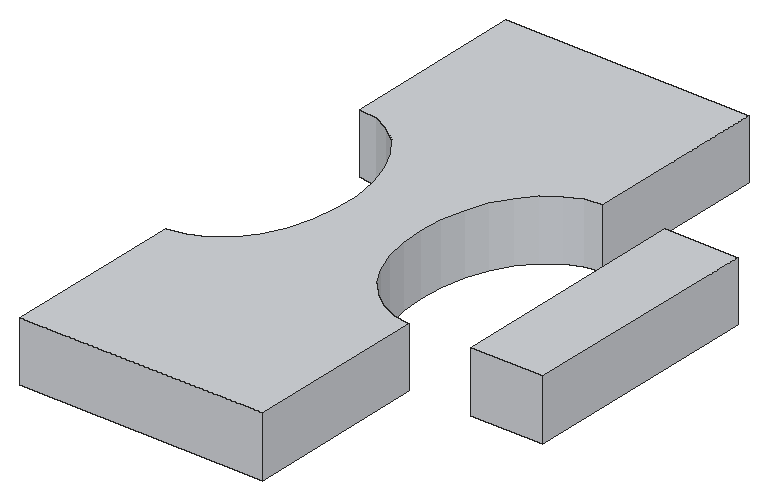
Revit family "電線管用ファミリ(片側のみ)_27", category Electrical Fixtures, Revit 2021
Family settings
  Maintain Annotation Orientation = No
  Round Connector Dimension = Use Diameter
  Part Type = Normal
  OmniClass Number = 23.80.00.00
  OmniClass Title = Electric Power and Lighting
  Work Plane-Based = No
  Always vertical = Yes
  Cut with Voids When Loaded = No
  Shared = No
  Room Calculation Point = No
Parameters
  コネクタ直径 [instance] = 16 mm
  W [instance] = 200 mm
  Default Elevation = 0 mm
  D [instance] = 500 mm
Reference planes
  plane 1 "Center (Front/Back)": y = 0
  plane 2: z = 0
  plane 3 "Center (Left/Right)": x = 0
  plane 4: x = -100
  plane 5: x = 100
  plane 6: y = 250
  plane 7: y = -250
  plane 8: z = 50
  plane 9: y = -100
  plane 10: y = 100
  plane 11: x = -50
  plane 12: x = 50
  plane 13: x = 150.956
  plane 14: x = 210.956
Forms (mm)
  Extrusion 1, solid
    sketch origin (0, 0, 0) x (1, 0, 0) y (0, 1, 0)
      loop
        line (-100, 250) -> (-100, -250) -> (100, -250) -> (100, 250) -> (-100, 250)
    from 0 to 50
  Extrusion 2, void
    sketch origin (0, 0, 0) x (1, 0, 0) y (0, 1, 0)
      loop
        line (-100, 100) -> (-100, -100)
        spline (-100, -100) -> (-81.883, -96.593) -> (-65, -86.603) -> (-50.503, -70.711) -> (-39.378, -50) -> (-32.385, -25.882) -> (-30, 0) -> (-32.385, 25.882) -> (-39.378, 50) -> (-50.503, 70.711) -> (-65, 86.603) -> (-81.883, 96.593) -> (-100, 100)
    from 0 to 50
  Extrusion 3, void
    sketch origin (0, 0, 0) x (1, 0, 0) y (0, 1, 0)
      loop
        spline (100, 100) -> (81.883, 96.593) -> (65, 86.603) -> (50.503, 70.711) -> (39.378, 50) -> (32.385, 25.882) -> (30, 0) -> (32.385, -25.882) -> (39.378, -50) -> (50.503, -70.711) -> (65, -86.603) -> (81.883, -96.593) -> (100, -100)
        line (100, -100) -> (100, 100)
    from 0 to 50
  Extrusion 4, solid
    sketch origin (0, 0, 0) x (1, 0, 0) y (0, 1, 0)
      loop
        line (150.956, 100) -> (150.956, -100) -> (210.956, -100) -> (210.956, 100) -> (150.956, 100)
    from 0 to 50
Cuts and joins
  Extrusion 2, Extrusion 3 cuts Extrusion 1
Dimensions and locks
  equal spacing: plane 4, plane 3 "Center (Left/Right)", plane 5
  "W": plane 4 to plane 5
  equal spacing: plane 6, plane 1 "Center (Front/Back)", plane 7
  "D": plane 6 to plane 7
  aligned and locked: level to plane 2
  aligned and locked: plane 8 to Extrusion 1
  aligned and locked: plane 8 to Extrusion 3
Automatic sketch dimensions
  Extrusion 1 sketch curve to plane 4 = 0 mm
  Extrusion 1 sketch curve to plane 5 = 0 mm
  Extrusion 1 sketch curve to plane 7 = 0 mm
  Extrusion 1 sketch curve to plane 6 = 0 mm
  Extrusion 2 sketch curve to plane 4 = 0 mm
  Extrusion 2 sketch curve to plane 9 = 0 mm
  Extrusion 2 sketch curve to plane 10 = 0 mm
  Extrusion 3 sketch curve to plane 5 = 0 mm
  Extrusion 3 sketch curve to plane 9 = 0 mm
  Extrusion 3 sketch curve to plane 10 = 0 mm
  Extrusion 4 sketch curve to plane 9 = 0 mm
  Extrusion 4 sketch curve to plane 13 = 0 mm
  Extrusion 4 sketch curve to plane 14 = 0 mm
  Extrusion 4 sketch curve to plane 10 = 0 mm
Connectors
  cabletrayconduit at (0, 0, 50), diameter 16
    settings: on Extrusion 1, index 1, connector width 300 mm, connector height 300 mm, connector angle 0.00°, system type 32, placement type 0, profile type 0, connector reference index -1, is primary connector yes, connector utility param no, connector description ""
